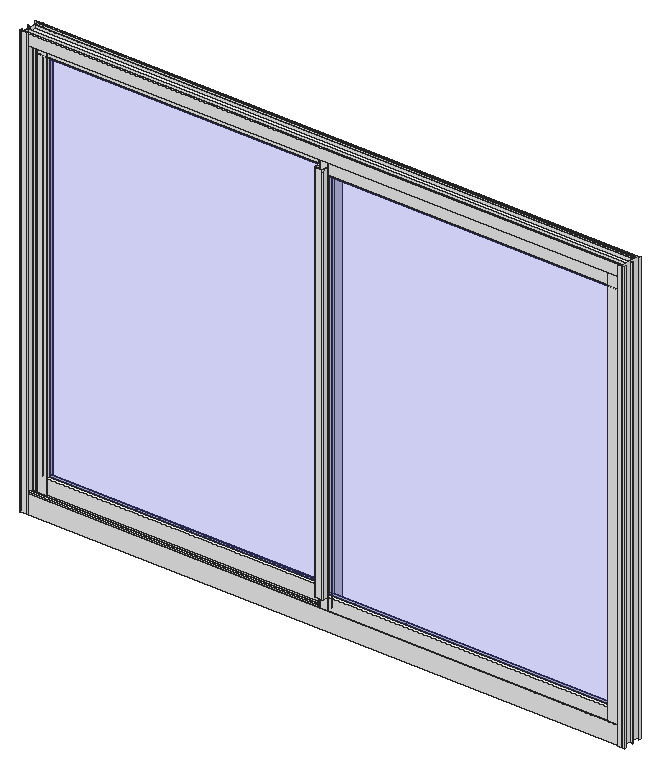
Revit family "Elite_Sliding_Window_OX_Standard", category Windows, host Wall, Revit 2014 (continued)
Definition of nested family "Elite_Sash_Outer_OX_Std"
  Definition of nested family "Elite_Lock_Stile"
    Forms (mm)
      Extrusion 1, solid, material <- "Profile Material"
        sketch origin (0, 0, 0) x (1, 0, 0) y (0, 1, 0)
          loop
            line (0, 0) -> (3.5, 0) -> (3.5, 2.4) -> (2.5, 2.4) -> (2.5, 1.2) -> (1.2, 1.2) -> (1.2, 8.8) -> (2.5, 8.8) -> (2.5, 7.6) -> (3.5, 7.6) -> (3.5, 10) -> (1.5, 10) -> (1.5, 13) -> (24.5, 13) -> (24.5, 10) -> (22.5, 10) -> (22.5, 7.6) -> (23.5, 7.6) -> (23.5, 8.8) -> (24.8, 8.8) -> (24.8, 1.2) -> (23.5, 1.2) -> (23.5, 2.4) -> (22.5, 2.4) -> (22.5, 0) -> (26, 0) -> (26, 49.8) -> (24.5, 49.8) -> (24.5, 49) -> (18, 49) -> (18, 43) -> (19.5, 43) -> (19.5, 47.5) -> (24.5, 47.5) -> (24.5, 36) -> (1.5, 36) -> (1.5, 47.5) -> (6.5, 47.5) -> (6.5, 43) -> (8, 43) -> (8, 49) -> (1.5, 49) -> (1.5, 49.8) -> (0, 49.8) -> (0, 0)
          loop
            line (1.5, 14.5) -> (24.5, 14.5) -> (24.5, 34.5) -> (13, 34.5) -> (1.5, 34.5) -> (1.5, 14.5)
        from 0 to 250 <- "Length Lock Stile"
      Extrusion 2, void
        sketch origin (24.4, 49, 0) x (1, 0, 0) y (0, 0, 1)
          loop
            line (0.1, 250) -> (-22.9, 250) -> (-22.9, 195) -> (0.1, 195) -> (0.1, 250)
          loop
            line (-22.9, 0) -> (0.1, 0) -> (0.1, 55) -> (-22.9, 55) -> (-22.9, 0)
        from 0 to 25
      Extrusion 3, void
        sketch origin (13, 14.5, 0) x (1, 0, 0) y (0, 0, 1)
          loop
            line (6.5, 250) -> (-6.5, 250) -> (-6.5, 224) -> (6.5, 224) -> (6.5, 250)
          loop
            line (6.5, 0) -> (6.5, 26) -> (-6.5, 26) -> (-6.5, 0) -> (6.5, 0)
        from 0 to 250
    Cuts and joins
      Extrusion 2, Extrusion 3 cuts Extrusion 1
    Dimensions and locks
      "Height Large Cut": Extrusion 2 sketch curve to Extrusion 2 sketch curve  (x2)
      "Height Rail Cut": Extrusion 3 sketch curve to Extrusion 3 sketch curve  (x2)
      "Width Rail Cut": Extrusion 3 sketch curve to Extrusion 3 sketch curve  (x2)
      "Side Gap Rail Cut": Extrusion 3 sketch curve to cut or joined group of Extrusion 1, Extrusion 2, Extrusion 3  (x2)
      aligned and locked: level to plane 2
      aligned and locked: Extrusion 1 to Extrusion 2 sketch curve  (x2)
      aligned and locked: Extrusion 2 sketch curve to Extrusion 1  (x4)
      aligned and locked: Extrusion 3 sketch curve to cut or joined group of Extrusion 1, Extrusion 2, Extrusion 3
      aligned and locked: cut or joined group of Extrusion 1, Extrusion 2, Extrusion 3 to Extrusion 3 sketch curve
    Automatic sketch dimensions
      Extrusion 1 sketch curve to plane 3 "Center (Left/Right)" = 0 mm
      plane 1 "Center (Front/Back)" to Extrusion 1 sketch curve = 0 mm  (x2)
      plane 3 "Center (Left/Right)" to Extrusion 1 sketch curve = 1.2 mm
      plane 3 "Center (Left/Right)" to Extrusion 1 sketch curve = 1.5 mm  (x2)
      Extrusion 1 sketch curve to Extrusion 1 sketch curve = 0 mm  (x4)
      Extrusion 1 sketch curve to Extrusion 1 sketch curve = 0.3 mm  (x2)
      Extrusion 1 sketch curve to Extrusion 1 sketch curve = 1.3 mm  (x2)
      Extrusion 1 sketch curve to Extrusion 1 sketch curve = 1 mm  (x4)
      Extrusion 1 sketch curve to Extrusion 1 sketch curve = 5 mm  (x4)
      Extrusion 1 sketch curve to Extrusion 1 sketch curve = 1.5 mm  (x6)
      Extrusion 1 sketch curve to plane 1 "Center (Front/Back)" = 2.4 mm
      Extrusion 1 sketch curve to Extrusion 1 sketch curve = 19 mm
      Extrusion 1 sketch curve to Extrusion 1 sketch curve = 2 mm
      Extrusion 1 sketch curve to Extrusion 1 sketch curve = 1.2 mm  (x6)
      Extrusion 1 sketch curve to plane 1 "Center (Front/Back)" = 1.2 mm  (x2)
      Extrusion 1 sketch curve to Extrusion 1 sketch curve = 5.2 mm  (x2)
      Extrusion 1 sketch curve to Extrusion 1 sketch curve = 3 mm
      Extrusion 1 sketch curve to Extrusion 1 sketch curve = 20 mm
      Extrusion 1 sketch curve to Extrusion 1 sketch curve = 7 mm  (x2)
      Extrusion 1 sketch curve to Extrusion 1 sketch curve = 4.5 mm  (x2)
      Extrusion 1 sketch curve to Extrusion 1 sketch curve = 0.8 mm  (x2)
  Definition of nested family "Elite_Interlocker"
    Parameters (values of type "Elite_Interlocker")
      Rail Cut Width = 13 mm  # constant formula
      Rail Cut Side Spacing = 5 mm  # constant formula
      Rail Cut Height = 26 mm  # constant formula
      Profile Material [instance] = none
      Length Interlocker [instance] = 250 mm
      Large Cut Height = 55 mm  # constant formula
    Reference planes
      plane 1 "Center (Front/Back)": y = 0
      plane 2: z = 0
      plane 3 "Center (Left/Right)": x = 0
    Forms (mm)
      Extrusion 1, solid, material <- "Profile Material"
        sketch origin (0, 0, 0) x (1, 0, 0) y (0, 1, 0)
          loop
            line (6.916, 36.467) -> (6.916, 6.667) -> (39.416, 6.667) -> (39.416, 9.551) -> (38.416, 9.551) -> (38.416, 8.167) -> (37.116, 8.167) -> (37.116, 9.551) -> (36.116, 9.551) -> (36.116, 8.167) -> (32.916, 8.167) -> (32.916, 15.167) -> (36.116, 15.167) -> (36.116, 13.78) -> (37.116, 13.78) -> (37.116, 15.167) -> (38.416, 15.167) -> (38.416, 13.78) -> (39.416, 13.78) -> (39.416, 25.167)
            arc (39.416, 25.167) -> (38.973, 25.663) -> (38.429, 25.28) r 0.5
            line (38.429, 25.28) -> (36.426, 16.667) -> (32.916, 16.667) -> (32.916, 36.467) -> (31.416, 36.467) -> (31.416, 35.667) -> (24.916, 35.667) -> (24.916, 29.667) -> (26.416, 29.667) -> (26.416, 34.167) -> (31.416, 34.167) -> (31.416, 22.667) -> (19.916, 22.667) -> (8.416, 22.667) -> (8.416, 34.167) -> (13.416, 34.167) -> (13.416, 29.667) -> (14.916, 29.667) -> (14.916, 35.667) -> (8.416, 35.667) -> (8.416, 36.467) -> (6.916, 36.467)
          loop
            line (8.416, 21.167) -> (8.416, 8.167) -> (31.416, 8.167) -> (31.416, 21.167) -> (19.916, 21.167) -> (8.416, 21.167)
        from 0 to 250 <- "Length Interlocker"
      Extrusion 2, void
        sketch origin (14.616, 35.667, 0) x (1, 0, 0) y (0, 0, 1)
          loop
            line (11.8, 250) -> (-1.2, 250) -> (-1.2, 224) -> (11.8, 224) -> (11.8, 250)
          loop
            line (-1.2, 0) -> (11.8, 0) -> (11.8, 26) -> (-1.2, 26) -> (-1.2, 0)
        from 0 to 250
      Extrusion 3, void
        sketch origin (31.316, 35.667, 0) x (1, 0, 0) y (0, 0, 1)
          loop
            line (0.1, 250) -> (-22.9, 250) -> (-22.9, 195) -> (0.1, 195) -> (0.1, 250)
          loop
            line (-22.9, 0) -> (0.1, 0) -> (0.1, 55) -> (-22.9, 55) -> (-22.9, 0)
        from 0 to 25
    Cuts and joins
      Extrusion 2, Extrusion 3 cuts Extrusion 1
    Dimensions and locks
      "Rail Cut Width": Extrusion 2 sketch curve to Extrusion 2 sketch curve  (x2)
      "Rail Cut Side Spacing": Extrusion 2 sketch curve to Extrusion 1  (x2)
      "Rail Cut Height": Extrusion 2 sketch curve to Extrusion 2 sketch curve  (x2)
      "Large Cut Height": Extrusion 3 sketch curve to Extrusion 3 sketch curve  (x2)
      aligned and locked: level to plane 2
      aligned and locked: Extrusion 1 to Extrusion 2 sketch curve  (x2)
      aligned and locked: Extrusion 3 sketch curve to cut or joined group of Extrusion 1, Extrusion 2, Extrusion 3  (x4)
      aligned and locked: cut or joined group of Extrusion 1, Extrusion 2, Extrusion 3 to Extrusion 3 sketch curve  (x2)
    Automatic sketch dimensions
      plane 3 "Center (Left/Right)" to Extrusion 1 sketch curve = 6.916 mm
      plane 3 "Center (Left/Right)" to Extrusion 1 sketch curve = 8.416 mm
      Extrusion 1 sketch curve to Extrusion 1 sketch curve = 1.5 mm  (x11)
      Extrusion 1 sketch curve to Extrusion 1 sketch curve = 0 mm  (x6)
      Extrusion 1 sketch curve to Extrusion 1 sketch curve = 5 mm  (x4)
      Extrusion 1 sketch curve to Extrusion 1 sketch curve = 3.2 mm  (x2)
      Extrusion 1 sketch curve to Extrusion 1 sketch curve = 0.31 mm
      Extrusion 1 sketch curve to Extrusion 1 sketch curve = 1 mm  (x4)
      Extrusion 1 sketch curve to Extrusion 1 sketch curve = 1.3 mm  (x2)
      Extrusion 1 sketch curve to Extrusion 1 sketch curve = 7.013 mm
      Extrusion 1 sketch curve to Extrusion 1 sketch curve = 0.487 mm
      Extrusion 1 sketch curve to plane 1 "Center (Front/Back)" = 6.667 mm
      Extrusion 1 sketch curve to Extrusion 1 sketch curve = 1.384 mm  (x2)
      Extrusion 1 sketch curve to Extrusion 1 sketch curve = 4.229 mm
      Extrusion 1 sketch curve to Extrusion 1 sketch curve = 1.387 mm  (x2)
      Extrusion 1 sketch curve to Extrusion 1 sketch curve = 13 mm
      Extrusion 1 sketch curve to Extrusion 1 sketch curve = 2.5 mm
      Extrusion 1 sketch curve to Extrusion 1 sketch curve = 7 mm  (x2)
      Extrusion 1 sketch curve to Extrusion 1 sketch curve = 4.5 mm  (x2)
      Extrusion 1 sketch curve to Extrusion 1 sketch curve = 0.8 mm  (x2)
  Definition of nested family "Elite_Sash_Top"
    Parameters (values of type "Elite_Sash_Top")
      Profile Material [instance] = none
      Length Sash Top [instance] = 250 mm
    Reference planes
      plane 1 "Center (Front/Back)": y = 0
      plane 2: z = 0
      plane 3 "Center (Left/Right)": x = 0
    Forms (mm)
      Extrusion 1, solid, material <- "Profile Material"
        sketch origin (0, -88.953, -123.01) x (0, 1, 0) y (0, 0, 1)
          loop
            line (92.953, 217.01) -> (95.303, 217.01) -> (95.303, 223.01) -> (93.853, 223.01) -> (93.853, 218.46) -> (92.953, 218.46)
            arc (92.953, 218.46) -> (91.15, 219.207) -> (90.403, 221.01) r 2.55
            line (90.403, 221.01) -> (90.403, 230.06) -> (110.203, 230.06) -> (110.203, 221.01)
            arc (110.203, 221.01) -> (109.456, 219.207) -> (107.653, 218.46) r 2.55
            line (107.653, 218.46) -> (106.753, 218.46) -> (106.753, 223.01) -> (105.303, 223.01) -> (105.303, 217.01) -> (107.653, 217.01)
            arc (107.653, 217.01) -> (110.482, 218.181) -> (111.653, 221.01) r 4
            line (111.653, 221.01) -> (111.653, 271.01) -> (107.403, 271.01) -> (107.403, 268.61) -> (108.603, 268.61) -> (108.603, 269.81) -> (110.203, 269.81) -> (110.203, 262.21) -> (108.603, 262.21) -> (108.603, 263.41) -> (107.403, 263.41) -> (107.403, 261.01) -> (110.203, 261.01) -> (110.203, 231.51) -> (90.403, 231.51) -> (90.403, 261.01) -> (93.203, 261.01) -> (93.203, 263.41) -> (92.003, 263.41) -> (92.003, 262.21) -> (90.403, 262.21) -> (90.403, 269.81) -> (92.003, 269.81) -> (92.003, 268.61) -> (93.203, 268.61) -> (93.203, 271.01) -> (88.953, 271.01) -> (88.953, 221.01)
            arc (88.953, 221.01) -> (90.125, 218.181) -> (92.953, 217.01) r 4
        from 0 to 250 <- "Length Sash Top"
    Dimensions and locks
      aligned and locked: level to plane 2
  Definition of nested family "Elite_Sash_Bottom"
    Parameters (values of type "Elite_Sash_Bottom")
      Profile Material [instance] = none
      Length Sash Bottom [instance] = 250 mm
    Reference planes
      plane 1 "Center (Front/Back)": y = 0
      plane 2: z = 0
      plane 3 "Center (Left/Right)": x = 0
    Forms (mm)
      Extrusion 1, solid, material <- "Profile Material"
        sketch origin (0, -88.953, -123.01) x (0, 1, 0) y (0, 0, 1)
          loop
            arc (92.953, 177.01) -> (90.125, 175.838) -> (88.953, 173.01) r 4
            line (88.953, 173.01) -> (88.953, 123.01) -> (93.203, 123.01) -> (93.203, 125.41) -> (92.003, 125.41) -> (92.003, 124.21) -> (90.403, 124.21) -> (90.403, 131.81) -> (92.003, 131.81) -> (92.003, 130.61) -> (93.203, 130.61) -> (93.203, 133.01) -> (90.403, 133.01) -> (90.403, 162.51) -> (110.203, 162.51) -> (110.203, 133.01) -> (107.403, 133.01) -> (107.403, 130.61) -> (108.603, 130.61) -> (108.603, 131.81) -> (110.203, 131.81) -> (110.203, 124.21) -> (108.603, 124.21) -> (108.603, 125.41) -> (107.403, 125.41) -> (107.403, 123.01) -> (111.653, 123.01) -> (111.653, 173.01)
            arc (111.653, 173.01) -> (110.482, 175.838) -> (107.653, 177.01) r 4
            line (107.653, 177.01) -> (105.303, 177.01) -> (105.303, 171.01) -> (106.753, 171.01) -> (106.753, 175.56) -> (107.653, 175.56)
            arc (107.653, 175.56) -> (109.456, 174.813) -> (110.203, 173.01) r 2.55
            line (110.203, 173.01) -> (110.203, 163.96) -> (90.403, 163.96) -> (90.403, 173.01)
            arc (90.403, 173.01) -> (91.15, 174.813) -> (92.953, 175.56) r 2.55
            line (92.953, 175.56) -> (93.853, 175.56) -> (93.853, 171.01) -> (95.303, 171.01) -> (95.303, 177.01) -> (92.953, 177.01)
        from 0 to 250 <- "Length Sash Bottom"
    Dimensions and locks
      aligned and locked: level to plane 2
  Definition of nested family "Elite_Heavy_Duty_Interlocker_Outside"
    Parameters (values of type "Elite_Heavy_Duty_Interlocker_Outside")
      Side Cut Width = 20 mm  # constant formula
      Side Cut Height Top = 26 mm  # constant formula
      Profile Material [instance] = none
      Length Heavy Duty Interlocker [instance] = 250 mm
      Large Cut Height = 55 mm  # constant formula
      Cut Width = 13 mm  # constant formula
      Cut Side Spacing = 5 mm  # constant formula
      Cut Height = 26 mm  # constant formula
    Reference planes
      plane 1 "Center (Front/Back)": y = 0
      plane 2: z = 0
      plane 3 "Center (Left/Right)": x = 0
    Forms (mm)
      Extrusion 1, solid, material <- "Profile Material"
        sketch origin (0, 0, 0) x (1, 0, 0) y (0, 1, 0)
          loop
            arc (4, 27.5) -> (2.232, 26.768) -> (1.5, 25) r 2.5
            line (1.5, 25) -> (1.5, 4)
            arc (1.5, 4) -> (2.232, 2.232) -> (4, 1.5) r 2.5
            line (4, 1.5) -> (20, 1.5) -> (20, 27.5) -> (4, 27.5)
          loop
            line (21.5, 14.5) -> (21.5, 1.5) -> (33, 1.5) -> (44.5, 1.5) -> (44.5, 14.5) -> (33, 14.5) -> (21.5, 14.5)
          loop
            line (46, 10) -> (46, 29.8) -> (44.5, 29.8) -> (44.5, 29) -> (38, 29) -> (38, 23) -> (39.5, 23) -> (39.5, 27.5) -> (44.5, 27.5) -> (44.5, 16) -> (33, 16) -> (21.5, 16) -> (21.5, 27.5) -> (26.5, 27.5) -> (26.5, 23) -> (28, 23) -> (28, 29) -> (21.5, 29) -> (21.5, 29.8) -> (20, 29.8) -> (20, 29) -> (4, 29)
            arc (4, 29) -> (1.172, 27.828) -> (0, 25) r 4
            line (0, 25) -> (0, 4)
            arc (0, 4) -> (1.172, 1.172) -> (4, 0) r 4
            line (4, 0) -> (52.5, 0) -> (52.5, 2.866) -> (51.5, 2.866) -> (51.5, 1.5) -> (50.2, 1.5) -> (50.2, 2.866) -> (49.2, 2.866) -> (49.2, 1.5) -> (46, 1.5) -> (46, 8.5) -> (49.2, 8.5) -> (49.2, 7.121) -> (50.2, 7.121) -> (50.2, 8.5) -> (51.5, 8.5) -> (51.5, 7.121) -> (52.5, 7.121) -> (52.5, 18.5)
            arc (52.5, 18.5) -> (52.057, 18.997) -> (51.513, 18.613) r 0.5
            line (51.513, 18.613) -> (49.51, 10) -> (46, 10)
        from 0 to 250 <- "Length Heavy Duty Interlocker"
      Extrusion 2, void
        sketch origin (44.4, 29, 0) x (1, 0, 0) y (0, 0, 1)
          loop
            line (-4.9, 250) -> (-17.9, 250) -> (-17.9, 224) -> (-4.9, 224) -> (-4.9, 250)
          loop
            line (-4.9, 0) -> (-4.9, 26) -> (-17.9, 26) -> (-17.9, 0) -> (-4.9, 0)
        from 0 to 250
      Extrusion 3, void
        sketch origin (44.4, 29, 0) x (1, 0, 0) y (0, 0, 1)
          loop
            line (0.1, 250) -> (-22.9, 250) -> (-22.9, 195) -> (0.1, 195) -> (0.1, 250)
          loop
            line (0.1, 0) -> (0.1, 55) -> (-22.9, 55) -> (-22.9, 0) -> (0.1, 0)
        from 0 to 25
      Extrusion 4, void
        sketch origin (19.7, 29, 0) x (1, 0, 0) y (0, 0, 1)
          loop
            line (0.3, 250) -> (-19.7, 250) -> (-19.7, 224) -> (0.3, 224) -> (0.3, 250)
        from 0 to 250
    Cuts and joins
      Extrusion 2, Extrusion 3, Extrusion 4 cuts Extrusion 1
    Dimensions and locks
      "Cut Width": Extrusion 2 sketch curve to Extrusion 2 sketch curve  (x2)
      "Cut Side Spacing": Extrusion 2 sketch curve to Extrusion 1  (x2)
      "Cut Height": Extrusion 2 sketch curve to Extrusion 2 sketch curve  (x2)
      "Large Cut Height": Extrusion 3 sketch curve to Extrusion 3 sketch curve  (x2)
      "Side Cut Width": Extrusion 4 sketch curve to Extrusion 4 sketch curve
      "Side Cut Height Top": Extrusion 4 sketch curve to Extrusion 4 sketch curve
      aligned and locked: level to plane 2
      aligned and locked: Extrusion 2 sketch curve to Extrusion 1
      aligned and locked: Extrusion 1 to Extrusion 2 sketch curve
      aligned and locked: cut or joined group of Extrusion 1, Extrusion 2, Extrusion 3, Extrusion 4 to Extrusion 3 sketch curve  (x2)
      aligned and locked: Extrusion 3 sketch curve to cut or joined group of Extrusion 1, Extrusion 2, Extrusion 3, Extrusion 4  (x4)
      aligned and locked: Extrusion 4 sketch curve to cut or joined group of Extrusion 1, Extrusion 2, Extrusion 3, Extrusion 4
      aligned and locked: cut or joined group of Extrusion 1, Extrusion 2, Extrusion 3, Extrusion 4 to Extrusion 4 sketch curve
    Automatic sketch dimensions
      Extrusion 1 sketch curve to Extrusion 1 sketch curve = 0 mm  (x11)
      Extrusion 1 sketch curve to plane 3 "Center (Left/Right)" = 0 mm
      plane 1 "Center (Front/Back)" to Extrusion 1 sketch curve = 0 mm
      plane 3 "Center (Left/Right)" to Extrusion 1 sketch curve = 1.5 mm
      Extrusion 1 sketch curve to Extrusion 1 sketch curve = 2.5 mm  (x3)
      Extrusion 1 sketch curve to Extrusion 1 sketch curve = 16 mm
      Extrusion 1 sketch curve to Extrusion 1 sketch curve = 1.5 mm  (x10)
      Extrusion 1 sketch curve to Extrusion 1 sketch curve = 5 mm  (x3)
      Extrusion 1 sketch curve to plane 1 "Center (Front/Back)" = 1.5 mm  (x3)
      Extrusion 1 sketch curve to Extrusion 1 sketch curve = 11.5 mm  (x2)
      Extrusion 1 sketch curve to Extrusion 1 sketch curve = 10 mm
      Extrusion 1 sketch curve to Extrusion 1 sketch curve = 3.2 mm  (x2)
      Extrusion 1 sketch curve to plane 1 "Center (Front/Back)" = 10 mm
      Extrusion 1 sketch curve to Extrusion 1 sketch curve = 0.31 mm
      Extrusion 1 sketch curve to Extrusion 1 sketch curve = 1 mm  (x4)
      Extrusion 1 sketch curve to Extrusion 1 sketch curve = 1.3 mm  (x2)
      Extrusion 1 sketch curve to Extrusion 1 sketch curve = 7.013 mm
      Extrusion 1 sketch curve to Extrusion 1 sketch curve = 0.487 mm
      Extrusion 1 sketch curve to Extrusion 1 sketch curve = 1.366 mm
      Extrusion 1 sketch curve to Extrusion 1 sketch curve = 2.879 mm
      Extrusion 1 sketch curve to Extrusion 1 sketch curve = 4.5 mm  (x3)
      Extrusion 1 sketch curve to Extrusion 1 sketch curve = 7 mm  (x2)
      Extrusion 1 sketch curve to Extrusion 1 sketch curve = 9 mm
      Extrusion 1 sketch curve to Extrusion 1 sketch curve = 0.8 mm  (x2)
Types (109, lengths in mm): name | Windload Design | Width Sash Right | Width Sash Left | Width | Standard Interlocker | Sash Width Right | Sash Width Left | Sash Height | Overall Width | Overall Height | Outside Heavy Duty Interlocker | Max Pane Area | Limit Window Width Max | Limit Sash Width Left Min | Limit Sash Width Left Max | Intruderprufe U Value | Intruderprufe SHGC Value | Intruderprufe LowE U Value | Intruderprufe LowE SHGC Value | Interlocker Configuration | Height Sash | Inside Heavy Duty Interlocker | Height | Glazing Thickness | Energy Advantage U Value | Energy Advantage SHGC Value | Custom Window Width | Custom Window Height | Custom Windload | Clearvue U Value | Clearvue SHGC Value | Area Right Sash Glazing | Area Left Sash Glazing
  (no name) | 1000 | 1047.9 | 1047.9 | 2090 | no | 1047.9 | 1047.9 | 1407 | 2090 | 1490 | no | 1.29646 m² | 2994.2 | 595.8 | 1500 | 5.7 | 0.727 | 3.95 | 0.638 | 1 | 1407 | yes | 1490 | 4 | 4.07 | 0.686 | 2090 | 1490 | 1000 | 5.83 | 0.767 | 1.29646 m² | 1.29646 m²
  Elite-0906OX-1000Pa | 1000 | 447.9 | 447.9 | 890 | yes | 447.9 | 447.9 | 507 | 890 | 590 | no | 0.160149 m² | 2994.2 | 300 | 595.8 | 5.58 | 0.626 | 4.31 | 0.55 | 0 | 507 | no | 590 | 4 | 4.49 | 0.592 | 890 | 590 | 1000 | 5.72 | 0.66 | 0.160149 m² | 0.160149 m²
  Elite-1206OX-1000Pa | 1000 | 447.9 | 447.9 | 1190 | yes | 597.9 | 597.9 | 507 | 890 | 590 | no | 0.222399 m² | 2994.2 | 300 | 895.8 | 5.57 | 0.641 | 4.22 | 0.563 | 0 | 507 | no | 590 | 4 | 4.38 | 0.605 | 1190 | 590 | 1000 | 5.69 | 0.675 | 0.222399 m² | 0.222399 m²
  Elite-1506OX-1000Pa | 1000 | 447.9 | 447.9 | 1490 | yes | 747.9 | 747.9 | 507 | 890 | 590 | no | 0.284649 m² | 2994.2 | 300 | 1195.8 | 5.56 | 0.649 | 4.17 | 0.57 | 0 | 507 | no | 590 | 4 | 4.31 | 0.613 | 1490 | 590 | 1000 | 5.68 | 0.684 | 0.284649 m² | 0.284649 m²
  Elite-1806OX-1000Pa | 1000 | 447.9 | 447.9 | 1790 | yes | 897.9 | 897.9 | 507 | 890 | 590 | no | 0.346899 m² | 2994.2 | 300 | 1495.8 | 5.55 | 0.655 | 4.14 | 0.575 | 0 | 507 | no | 590 | 4 | 4.27 | 0.618 | 1790 | 590 | 1000 | 5.67 | 0.691 | 0.346899 m² | 0.346899 m²
  Elite-2106OX-1000Pa | 1000 | 447.9 | 447.9 | 2090 | yes | 1047.9 | 1047.9 | 507 | 890 | 590 | no | 0.409149 m² | 2994.2 | 595.8 | 1500 | 5.55 | 0.659 | 4.12 | 0.579 | 0 | 507 | no | 590 | 4 | 4.24 | 0.622 | 2090 | 590 | 1000 | 5.67 | 0.695 | 0.409149 m² | 0.409149 m²
  Elite-2406OX-1000Pa | 1000 | 447.9 | 447.9 | 2390 | yes | 1197.9 | 1197.9 | 507 | 890 | 590 | no | 0.471399 m² | 2994.2 | 895.8 | 1500 | 5.55 | 0.662 | 4.1 | 0.582 | 0 | 507 | no | 590 | 4 | 4.22 | 0.625 | 2390 | 590 | 1000 | 5.66 | 0.698 | 0.471399 m² | 0.471399 m²
  Elite-2706OX-1000Pa | 1000 | 447.9 | 447.9 | 2690 | yes | 1347.9 | 1347.9 | 507 | 890 | 590 | no | 0.533649 m² | 2994.2 | 1195.8 | 1500 | 5.54 | 0.665 | 4.09 | 0.584 | 0 | 507 | no | 590 | 4 | 4.2 | 0.627 | 2690 | 590 | 1000 | 5.66 | 0.701 | 0.533649 m² | 0.533649 m²
  Elite-3006OX-1000Pa | 1000 | 447.9 | 447.9 | 2990 | yes | 1497.9 | 1497.9 | 507 | 890 | 590 | no | 0.595899 m² | 2994.2 | 1495.8 | 1500 | 5.54 | 0.667 | 4.08 | 0.585 | 0 | 507 | no | 590 | 4 | 4.18 | 0.629 | 2990 | 590 | 1000 | 5.66 | 0.703 | 0.595899 m² | 0.595899 m²
  Elite-0909OX-1000Pa | 1000 | 447.9 | 447.9 | 890 | yes | 447.9 | 447.9 | 807 | 890 | 590 | no | 0.275918 m² | 2994.2 | 300 | 595.8 | 5.68 | 0.66 | 4.25 | 0.58 | 0 | 507 | no | 890 | 4 | 4.43 | 0.624 | 890 | 890 | 1000 | 5.82 | 0.696 | 0.275918 m² | 0.275918 m²
  Elite-1209OX-1000Pa | 1000 | 447.9 | 447.9 | 1190 | yes | 597.9 | 597.9 | 807 | 890 | 590 | no | 0.383168 m² | 2994.2 | 300 | 895.8 | 5.66 | 0.676 | 4.15 | 0.594 | 0 | 507 | no | 890 | 4 | 4.31 | 0.639 | 1190 | 890 | 1000 | 5.79 | 0.713 | 0.383168 m² | 0.383168 m²
  Elite-1509OX-1000Pa | 1000 | 447.9 | 447.9 | 1490 | yes | 747.9 | 747.9 | 807 | 890 | 590 | no | 0.490418 m² | 2994.2 | 300 | 1195.8 | 5.65 | 0.686 | 4.09 | 0.602 | 0 | 507 | no | 890 | 4 | 4.23 | 0.648 | 1490 | 890 | 1000 | 5.78 | 0.723 | 0.490418 m² | 0.490418 m²
  Elite-1809OX-1000Pa | 1000 | 447.9 | 447.9 | 1790 | yes | 897.9 | 897.9 | 807 | 890 | 590 | no | 0.597668 m² | 2994.2 | 300 | 1495.8 | 5.64 | 0.696 | 4.05 | 0.608 | 0 | 507 | no | 890 | 4 | 4.18 | 0.654 | 1790 | 890 | 1000 | 5.77 | 0.73 | 0.597668 m² | 0.597668 m²
  Elite-2109OX-1000Pa | 1000 | 447.9 | 447.9 | 2090 | yes | 1047.9 | 1047.9 | 807 | 890 | 590 | no | 0.704918 m² | 2994.2 | 595.8 | 1500 | 5.63 | 0.697 | 4.03 | 0.612 | 0 | 507 | no | 890 | 4 | 4.15 | 0.658 | 2090 | 890 | 1000 | 5.76 | 0.735 | 0.704918 m² | 0.704918 m²
  Elite-2409OX-1000Pa | 1000 | 447.9 | 447.9 | 2390 | yes | 1197.9 | 1197.9 | 807 | 890 | 590 | no | 0.812168 m² | 2994.2 | 895.8 | 1500 | 5.63 | 0.701 | 4 | 0.615 | 0 | 507 | no | 890 | 4 | 4.12 | 0.661 | 2390 | 890 | 1000 | 5.75 | 0.739 | 0.812168 m² | 0.812168 m²
  Elite-2709OX-1000Pa | 1000 | 447.9 | 447.9 | 2690 | yes | 1347.9 | 1347.9 | 807 | 890 | 590 | no | 0.919419 m² | 2994.2 | 1195.8 | 1500 | 5.62 | 0.704 | 3.99 | 0.617 | 0 | 507 | no | 890 | 4 | 4.1 | 0.664 | 2690 | 890 | 1000 | 5.75 | 0.742 | 0.919418 m² | 0.919419 m²
  Elite-3009OX-1000Pa | 1000 | 447.9 | 447.9 | 2990 | yes | 1497.9 | 1497.9 | 807 | 890 | 590 | no | 1.02667 m² | 2994.2 | 1495.8 | 1500 | 5.62 | 0.706 | 3.98 | 0.619 | 0 | 507 | no | 890 | 4 | 4.08 | 0.66 | 2990 | 890 | 1000 | 5.75 | 0.744 | 1.02667 m² | 1.02667 m²
  Elite-0912OX-1000Pa | 1000 | 447.9 | 447.9 | 890 | yes | 447.9 | 447.9 | 1107 | 890 | 590 | no | 0.391688 m² | 2994.2 | 300 | 595.8 | 5.72 | 0.677 | 4.22 | 0.594 | 0 | 507 | no | 1190 | 4 | 4.4 | 0.639 | 890 | 1190 | 1000 | 5.86 | 0.714 | 0.391688 m² | 0.391688 m²
  Elite-1212OX-1000Pa | 1000 | 447.9 | 447.9 | 1190 | yes | 597.9 | 597.9 | 1107 | 890 | 590 | no | 0.543938 m² | 2994.2 | 300 | 895.8 | 5.7 | 0.694 | 4.11 | 0.609 | 0 | 507 | no | 1190 | 4 | 4.27 | 0.655 | 1190 | 1190 | 1000 | 5.84 | 0.732 | 0.543938 m² | 0.543938 m²
  Elite-1512OX-1000Pa | 1000 | 447.9 | 447.9 | 1490 | yes | 747.9 | 747.9 | 1107 | 890 | 590 | no | 0.696188 m² | 2994.2 | 300 | 1195.8 | 5.69 | 0.704 | 4.05 | 0.618 | 0 | 507 | no | 1190 | 4 | 4.19 | 0.665 | 1490 | 1190 | 1000 | 5.82 | 0.743 | 0.696188 m² | 0.696188 m²
  Elite-1812OX-1000Pa | 1000 | 447.9 | 447.9 | 1790 | yes | 897.9 | 897.9 | 1107 | 890 | 590 | no | 0.848438 m² | 2994.2 | 300 | 1495.8 | 5.68 | 0.711 | 4.01 | 0.624 | 0 | 507 | no | 1190 | 4 | 4.14 | 0.671 | 1790 | 1190 | 1000 | 5.81 | 0.75 | 0.848438 m² | 0.848438 m²
  Elite-2112OX-1000Pa | 1000 | 447.9 | 447.9 | 2090 | yes | 1047.9 | 1047.9 | 1107 | 890 | 590 | no | 1.00069 m² | 2994.2 | 595.8 | 1500 | 5.67 | 0.716 | 3.98 | 0.628 | 0 | 507 | no | 1190 | 4 | 4.1 | 0.676 | 2090 | 1190 | 1000 | 5.8 | 0.755 | 1.00069 m² | 1.00069 m²
  Elite-2412OX-1000Pa | 1000 | 447.9 | 447.9 | 2390 | yes | 1197.9 | 1197.9 | 1107 | 890 | 590 | no | 1.15294 m² | 2994.2 | 895.8 | 1500 | 5.67 | 0.72 | 3.96 | 0.631 | 0 | 507 | no | 1190 | 4 | 4.07 | 0.679 | 2390 | 1190 | 1000 | 5.8 | 0.759 | 1.15294 m² | 1.15294 m²
  Elite-2712OX-1000Pa | 1000 | 447.9 | 447.9 | 2690 | yes | 1347.9 | 1347.9 | 1107 | 890 | 590 | no | 1.30519 m² | 2994.2 | 1195.8 | 1500 | 5.67 | 0.723 | 3.94 | 0.634 | 0 | 507 | no | 1190 | 4 | 4.05 | 0.682 | 2690 | 1190 | 1000 | 5.79 | 0.762 | 1.30519 m² | 1.30519 m²
  Elite-3012OX-1000Pa | 1000 | 1347.9 | 1347.9 | 2990 | no | 1497.9 | 1497.9 | 1107 | 2690 | 1190 | no | 1.45744 m² | 2994.2 | 1495.8 | 1500 | 5.66 | 0.725 | 3.93 | 0.636 | 1 | 1107 | yes | 1190 | 4 | 4.03 | 0.684 | 2990 | 1190 | 1000 | 5.79 | 0.764 | 1.45744 m² | 1.45744 m²
  Elite-0915OX-1000Pa | 1000 | 447.9 | 447.9 | 890 | yes | 447.9 | 447.9 | 1407 | 890 | 590 | no | 0.507459 m² | 2994.2 | 300 | 595.8 | 5.75 | 0.687 | 4.2 | 0.603 | 0 | 507 | no | 1490 | 4 | 4.39 | 0.649 | 890 | 1490 | 1000 | 5.89 | 0.724 | 0.507459 m² | 0.507459 m²
  Elite-1215OX-1000Pa | 1000 | 447.9 | 447.9 | 1190 | no | 597.9 | 597.9 | 1407 | 890 | 590 | no | 0.704709 m² | 2994.2 | 300 | 895.8 | 5.73 | 0.705 | 4.09 | 0.618 | 1 | 507 | yes | 1490 | 4 | 4.25 | 0.665 | 1190 | 1490 | 1000 | 5.87 | 0.743 | 0.704709 m² | 0.704709 m²
  Elite-1515OX-1000Pa | 1000 | 447.9 | 447.9 | 1490 | no | 747.9 | 747.9 | 1407 | 890 | 590 | no | 0.901959 m² | 2994.2 | 300 | 1195.8 | 5.82 | 0.7163 | 4.13 | 0.628 | 1 | 507 | yes | 1490 | 4 | 4.27 | 0.676 | 1490 | 1490 | 1000 | 5.95 | 0.755 | 0.901959 m² | 0.901959 m²
  Elite-1815OX-1000Pa | 1000 | 447.9 | 447.9 | 1790 | no | 897.9 | 897.9 | 1407 | 890 | 590 | no | 1.09921 m² | 2994.2 | 300 | 1495.8 | 5.71 | 0.722 | 3.98 | 0.633 | 1 | 507 | yes | 1490 | 4 | 4.11 | 0.682 | 1790 | 1490 | 1000 | 5.84 | 0.762 | 1.09921 m² | 1.09921 m²
  Elite-2115OX-1000Pa | 1000 | 1047.9 | 1047.9 | 2090 | no | 1047.9 | 1047.9 | 1407 | 2090 | 1490 | no | 1.29646 m² | 2994.2 | 595.8 | 1500 | 5.7 | 0.727 | 3.95 | 0.638 | 1 | 1407 | yes | 1490 | 4 | 4.07 | 0.686 | 2090 | 1490 | 1000 | 5.83 | 0.767 | 1.29646 m² | 1.29646 m²
  Elite-2415OX-1000Pa | 1000 | 447.9 | 447.9 | 2390 | no | 1197.9 | 1197.9 | 1407 | 890 | 590 | no | 1.49371 m² | 2994.2 | 895.8 | 1500 | 5.69 | 0.731 | 3.93 | 0.641 | 1 | 507 | yes | 1490 | 4 | 4.05 | 0.69 | 2390 | 1490 | 1000 | 5.82 | 0.771 | 1.49371 m² | 1.49371 m²
  Elite-2715OX-1000Pa | 1000 | 447.9 | 447.9 | 2690 | no | 1347.9 | 1347.9 | 1407 | 890 | 590 | no | 1.69096 m² | 2994.2 | 1195.8 | 1500 | 5.69 | 0.734 | 3.91 | 0.643 | 1 | 507 | yes | 1490 | 5 | 4.02 | 0.692 | 2690 | 1490 | 1000 | 5.82 | 0.774 | 1.69096 m² | 1.69096 m²
  Elite-3015OX-1000Pa | 1000 | 447.9 | 447.9 | 2990 | no | 1497.9 | 1497.9 | 1407 | 890 | 590 | no | 1.88821 m² | 2994.2 | 1495.8 | 1500 | 5.69 | 0.737 | 3.9 | 0.645 | 1 | 507 | yes | 1490 | 5 | 4 | 0.695 | 2990 | 1490 | 1000 | 5.82 | 0.777 | 1.88821 m² | 1.88821 m²
  Elite-0918OX-1000Pa | 1000 | 447.9 | 447.9 | 890 | no | 447.9 | 447.9 | 1707 | 890 | 1790 | no | 0.623229 m² | 2994.2 | 300 | 595.8 | 5.59 | 0.695 | 4.37 | 0.611 | 1 | 1707 | yes | 1790 | 4 | 4.54 | 0.657 | 890 | 1790 | 1000 | 6.08 | 0.733 | 0.623229 m² | 0.623229 m²
  Elite-1218OX-1000Pa | 1000 | 1497.9 | 1497.9 | 1190 | no | 597.9 | 597.9 | 1707 | 2990 | 1490 | no | 0.865479 m² | 2994.2 | 300 | 895.8 | 5.75 | 0.712 | 4.08 | 0.624 | 1 | 1407 | yes | 1790 | 4 | 4.24 | 0.672 | 1190 | 1790 | 1000 | 5.88 | 0.751 | 0.865479 m² | 0.865479 m²
  Elite-1518OX-1000Pa | 1000 | 1497.9 | 1497.9 | 1490 | no | 747.9 | 747.9 | 1707 | 2990 | 1490 | yes | 1.10773 m² | 2994.2 | 300 | 1195.8 | 5.73 | 0.723 | 4.01 | 0.634 | 2 | 1407 | yes | 1790 | 4 | 4.15 | 0.682 | 1490 | 1790 | 1000 | 5.87 | 0.762 | 1.10773 m² | 1.10773 m²
  Elite-1818OX-1000Pa | 1000 | 1497.9 | 1497.9 | 1790 | no | 897.9 | 897.9 | 1707 | 2990 | 1490 | yes | 1.34998 m² | 2994.2 | 300 | 1495.8 | 5.72 | 0.73 | 3.96 | 0.64 | 2 | 1407 | yes | 1790 | 4 | 4.1 | 0.688 | 1790 | 1790 | 1000 | 5.86 | 0.77 | 1.34998 m² | 1.34998 m²
  Elite-2118OX-1000Pa | 1000 | 1497.9 | 1497.9 | 2090 | no | 1047.9 | 1047.9 | 1707 | 2990 | 1490 | yes | 1.59223 m² | 2994.2 | 595.8 | 1500 | 5.71 | 0.735 | 3.93 | 0.644 | 2 | 1407 | yes | 1790 | 5 | 4.06 | 0.693 | 2090 | 1790 | 1000 | 5.85 | 0.775 | 1.59223 m² | 1.59223 m²
  Elite-2418OX-1000Pa | 1000 | 1497.9 | 1497.9 | 2390 | no | 1197.9 | 1197.9 | 1707 | 2990 | 1490 | yes | 1.83448 m² | 2994.2 | 895.8 | 1500 | 5.71 | 0.739 | 3.91 | 0.647 | 2 | 1407 | yes | 1790 | 5 | 4.03 | 0.697 | 2390 | 1790 | 1000 | 5.84 | 0.779 | 1.83448 m² | 1.83448 m²
  Elite-2718OX-1000Pa | 1000 | 1497.9 | 1497.9 | 2690 | no | 1347.9 | 1347.9 | 1707 | 2990 | 1490 | yes | 2.07673 m² | 2994.2 | 1195.8 | 1500 | 5.71 | 0.742 | 3.89 | 0.65 | 2 | 1407 | yes | 1790 | 5 | 4 | 0.699 | 2690 | 1790 | 1000 | 5.84 | 0.782 | 2.07673 m² | 2.07673 m²
  Elite-3018OX-1000Pa | 1000 | 1497.9 | 1497.9 | 2990 | no | 1497.9 | 1497.9 | 1707 | 2990 | 1790 | yes | 2.31898 m² | 2994.2 | 1495.8 | 1500 | 5.7 | 0.744 | 3.88 | 0.652 | 2 | 1707 | yes | 1790 | 6.4 | 3.99 | 0.702 | 2990 | 1790 | 1000 | 5.83 | 0.785 | 2.31898 m² | 2.31898 m²
  Elite-0906OX-1500Pa | 1500 | 447.9 | 447.9 | 890 | yes | 447.9 | 447.9 | 507 | 890 | 590 | no | 0.160149 m² | 2994.2 | 300 | 595.8 | 5.58 | 0.626 | 4.31 | 0.55 | 0 | 507 | no | 590 | 4 | 4.49 | 0.592 | 890 | 590 | 1500 | 5.72 | 0.66 | 0.160149 m² | 0.160149 m²
  Elite-0906OX-2000Pa | 2000 | 447.9 | 447.9 | 890 | yes | 447.9 | 447.9 | 507 | 890 | 590 | no | 0.160149 m² | 2994.2 | 300 | 595.8 | 5.58 | 0.626 | 4.31 | 0.55 | 0 | 507 | no | 590 | 4 | 4.49 | 0.592 | 890 | 590 | 2000 | 5.72 | 0.66 | 0.160149 m² | 0.160149 m²
  Elite-0909OX-1500Pa | 1500 | 447.9 | 447.9 | 890 | yes | 447.9 | 447.9 | 807 | 890 | 590 | no | 0.275918 m² | 2994.2 | 300 | 595.8 | 5.68 | 0.66 | 4.25 | 0.58 | 0 | 507 | no | 890 | 4 | 4.43 | 0.624 | 890 | 890 | 1500 | 5.82 | 0.696 | 0.275918 m² | 0.275918 m²
  Elite-0909OX-2000Pa | 2000 | 447.9 | 447.9 | 890 | yes | 447.9 | 447.9 | 807 | 890 | 590 | no | 0.275918 m² | 2994.2 | 300 | 595.8 | 5.68 | 0.66 | 4.25 | 0.58 | 0 | 507 | no | 890 | 4 | 4.43 | 0.624 | 890 | 890 | 2000 | 5.82 | 0.696 | 0.275918 m² | 0.275918 m²
  Elite-0912OX-1500Pa | 1500 | 447.9 | 447.9 | 890 | yes | 447.9 | 447.9 | 1107 | 890 | 590 | no | 0.391688 m² | 2994.2 | 300 | 595.8 | 5.72 | 0.677 | 4.22 | 0.594 | 0 | 507 | no | 1190 | 4 | 4.4 | 0.639 | 890 | 1190 | 1500 | 5.86 | 0.714 | 0.391688 m² | 0.391688 m²
  Elite-0912OX-2000Pa | 2000 | 447.9 | 447.9 | 890 | yes | 447.9 | 447.9 | 1107 | 890 | 590 | no | 0.391688 m² | 2994.2 | 300 | 595.8 | 5.72 | 0.677 | 4.22 | 0.594 | 0 | 507 | no | 1190 | 4 | 4.4 | 0.639 | 890 | 1190 | 2000 | 5.86 | 0.714 | 0.391688 m² | 0.391688 m²
  Elite-0915OX-1500Pa | 1500 | 447.9 | 447.9 | 890 | no | 447.9 | 447.9 | 1407 | 890 | 590 | no | 0.507459 m² | 2994.2 | 300 | 595.8 | 5.75 | 0.687 | 4.2 | 0.603 | 1 | 507 | yes | 1490 | 4 | 4.39 | 0.649 | 890 | 1490 | 1500 | 5.89 | 0.724 | 0.507459 m² | 0.507459 m²
  Elite-0915OX-2000Pa | 2000 | 447.9 | 447.9 | 890 | no | 447.9 | 447.9 | 1407 | 890 | 590 | no | 0.507459 m² | 2994.2 | 300 | 595.8 | 5.75 | 0.687 | 4.2 | 0.603 | 1 | 507 | yes | 1490 | 4 | 4.39 | 0.649 | 890 | 1490 | 2000 | 5.89 | 0.724 | 0.507459 m² | 0.507459 m²
  Elite-0918OX-1500Pa | 1500 | 447.9 | 447.9 | 890 | no | 447.9 | 447.9 | 1707 | 890 | 1790 | no | 0.623229 m² | 1490 | 300 | 595.8 | 5.59 | 0.695 | 4.37 | 0.611 | 1 | 1707 | yes | 1790 | 4 | 4.54 | 0.657 | 890 | 1790 | 1500 | 6.08 | 0.733 | 0.623229 m² | 0.623229 m²
  Elite-0918OX-2000Pa | 2000 | 447.9 | 447.9 | 890 | no | 447.9 | 447.9 | 1707 | 890 | 1790 | yes | 0.623229 m² | 890 | 300 | 595.8 | 5.59 | 0.695 | 4.37 | 0.611 | 2 | 1707 | yes | 1790 | 4 | 4.54 | 0.657 | 890 | 1790 | 2000 | 6.08 | 0.733 | 0.623229 m² | 0.623229 m²
  Elite-1206OX-1500Pa | 1500 | 447.9 | 447.9 | 1190 | yes | 597.9 | 597.9 | 507 | 890 | 590 | no | 0.222399 m² | 2994.2 | 300 | 895.8 | 5.57 | 0.641 | 4.22 | 0.563 | 0 | 507 | no | 590 | 4 | 4.38 | 0.605 | 1190 | 590 | 1500 | 5.69 | 0.675 | 0.222399 m² | 0.222399 m²
  Elite-1206OX-2000Pa | 2000 | 447.9 | 447.9 | 1190 | yes | 597.9 | 597.9 | 507 | 890 | 590 | no | 0.222399 m² | 2994.2 | 300 | 895.8 | 5.57 | 0.641 | 4.22 | 0.563 | 0 | 507 | no | 590 | 4 | 4.38 | 0.605 | 1190 | 590 | 2000 | 5.69 | 0.675 | 0.222399 m² | 0.222399 m²
  Elite-1209OX-1500Pa | 1500 | 447.9 | 447.9 | 1190 | yes | 597.9 | 597.9 | 807 | 890 | 590 | no | 0.383168 m² | 2994.2 | 300 | 895.8 | 5.66 | 0.676 | 4.15 | 0.594 | 0 | 507 | no | 890 | 4 | 4.31 | 0.639 | 1190 | 890 | 1500 | 5.79 | 0.713 | 0.383168 m² | 0.383168 m²
  Elite-1209OX-2000Pa | 2000 | 447.9 | 447.9 | 1190 | yes | 597.9 | 597.9 | 807 | 890 | 590 | no | 0.383168 m² | 2994.2 | 300 | 895.8 | 5.66 | 0.676 | 4.15 | 0.594 | 0 | 507 | no | 890 | 4 | 4.31 | 0.639 | 1190 | 890 | 2000 | 5.79 | 0.713 | 0.383168 m² | 0.383168 m²
  Elite-1212OX-1500Pa | 1500 | 447.9 | 447.9 | 1190 | yes | 597.9 | 597.9 | 1107 | 890 | 590 | no | 0.543938 m² | 2994.2 | 300 | 895.8 | 5.7 | 0.694 | 4.11 | 0.609 | 0 | 507 | no | 1190 | 4 | 4.27 | 0.655 | 1190 | 1190 | 1500 | 5.84 | 0.732 | 0.543938 m² | 0.543938 m²
  Elite-1212OX-2000Pa | 2000 | 447.9 | 447.9 | 1190 | no | 597.9 | 597.9 | 1107 | 890 | 590 | no | 0.543938 m² | 2994.2 | 300 | 895.8 | 5.7 | 0.694 | 4.11 | 0.609 | 1 | 507 | yes | 1190 | 4 | 4.27 | 0.655 | 1190 | 1190 | 2000 | 5.84 | 0.732 | 0.543938 m² | 0.543938 m²
  Elite-1215OX-1500Pa | 1500 | 447.9 | 447.9 | 1190 | no | 597.9 | 597.9 | 1407 | 890 | 590 | no | 0.704709 m² | 2994.2 | 300 | 895.8 | 5.73 | 0.705 | 4.09 | 0.618 | 1 | 507 | yes | 1490 | 4 | 4.25 | 0.665 | 1190 | 1490 | 1500 | 5.87 | 0.743 | 0.704709 m² | 0.704709 m²
  Elite-1215OX-2000Pa | 2000 | 447.9 | 447.9 | 1190 | no | 597.9 | 597.9 | 1407 | 890 | 590 | no | 0.704709 m² | 2994.2 | 300 | 895.8 | 5.73 | 0.705 | 4.09 | 0.618 | 1 | 507 | yes | 1490 | 4 | 4.25 | 0.665 | 1190 | 1490 | 2000 | 5.87 | 0.743 | 0.704709 m² | 0.704709 m²
  Elite-1218OX-1500Pa | 1500 | 1497.9 | 1497.9 | 1190 | no | 597.9 | 597.9 | 1707 | 2990 | 1490 | yes | 0.865479 m² | 1490 | 300 | 895.8 | 5.75 | 0.712 | 4.08 | 0.624 | 2 | 1407 | yes | 1790 | 4 | 4.24 | 0.672 | 1190 | 1790 | 1500 | 5.88 | 0.751 | 0.865479 m² | 0.865479 m²
  Elite-1506OX-1500Pa | 1500 | 447.9 | 447.9 | 1490 | yes | 747.9 | 747.9 | 507 | 890 | 590 | no | 0.284649 m² | 2994.2 | 300 | 1195.8 | 5.56 | 0.649 | 4.17 | 0.57 | 0 | 507 | no | 590 | 4 | 4.31 | 0.613 | 1490 | 590 | 1500 | 5.68 | 0.684 | 0.284649 m² | 0.284649 m²
  Elite-1506OX-2000Pa | 2000 | 447.9 | 447.9 | 1490 | yes | 747.9 | 747.9 | 507 | 890 | 590 | no | 0.284649 m² | 2994.2 | 300 | 1195.8 | 5.56 | 0.649 | 4.17 | 0.57 | 0 | 507 | no | 590 | 4 | 4.31 | 0.613 | 1490 | 590 | 2000 | 5.68 | 0.684 | 0.284649 m² | 0.284649 m²
  Elite-1509OX-1500Pa | 1500 | 447.9 | 447.9 | 1490 | yes | 747.9 | 747.9 | 807 | 890 | 590 | no | 0.490418 m² | 2994.2 | 300 | 1195.8 | 5.65 | 0.686 | 4.09 | 0.602 | 0 | 507 | no | 890 | 4 | 4.23 | 0.648 | 1490 | 890 | 1500 | 5.78 | 0.723 | 0.490418 m² | 0.490418 m²
  Elite-1509OX-2000Pa | 2000 | 447.9 | 447.9 | 1490 | yes | 747.9 | 747.9 | 807 | 890 | 590 | no | 0.490418 m² | 2994.2 | 300 | 1195.8 | 5.65 | 0.686 | 4.09 | 0.602 | 0 | 507 | no | 890 | 4 | 4.23 | 0.648 | 1490 | 890 | 2000 | 5.78 | 0.723 | 0.490418 m² | 0.490418 m²
  Elite-1512OX-1500Pa | 1500 | 447.9 | 447.9 | 1490 | no | 747.9 | 747.9 | 1107 | 890 | 590 | no | 0.696188 m² | 2994.2 | 300 | 1195.8 | 5.69 | 0.704 | 4.05 | 0.618 | 1 | 507 | yes | 1190 | 4 | 4.19 | 0.665 | 1490 | 1190 | 1500 | 5.82 | 0.743 | 0.696188 m² | 0.696188 m²
  Elite-1512OX-2000Pa | 2000 | 447.9 | 447.9 | 1490 | no | 747.9 | 747.9 | 1107 | 890 | 590 | no | 0.696188 m² | 2994.2 | 300 | 1195.8 | 5.69 | 0.704 | 4.05 | 0.618 | 1 | 507 | yes | 1190 | 4 | 4.19 | 0.665 | 1490 | 1190 | 2000 | 5.82 | 0.743 | 0.696188 m² | 0.696188 m²
  Elite-1515OX-1500Pa | 1500 | 447.9 | 447.9 | 1490 | no | 747.9 | 747.9 | 1407 | 890 | 590 | no | 0.901959 m² | 2994.2 | 300 | 1195.8 | 5.82 | 0.7163 | 4.13 | 0.628 | 1 | 507 | yes | 1490 | 4 | 4.27 | 0.676 | 1490 | 1490 | 1500 | 5.95 | 0.755 | 0.901959 m² | 0.901959 m²
  Elite-1515OX-2000Pa | 2000 | 447.9 | 447.9 | 1490 | no | 747.9 | 747.9 | 1407 | 890 | 590 | yes | 0.901959 m² | 2994.2 | 300 | 1195.8 | 5.82 | 0.7163 | 4.13 | 0.628 | 2 | 507 | yes | 1490 | 4 | 4.27 | 0.676 | 1490 | 1490 | 2000 | 5.95 | 0.755 | 0.901959 m² | 0.901959 m²
  Elite-1518OX-1500Pa | 1500 | 1497.9 | 1497.9 | 1490 | no | 747.9 | 747.9 | 1707 | 2990 | 1490 | yes | 1.10773 m² | 1490 | 300 | 1195.8 | 5.73 | 0.723 | 4.01 | 0.634 | 2 | 1407 | yes | 1790 | 4 | 4.15 | 0.682 | 1490 | 1790 | 1500 | 5.87 | 0.762 | 1.10773 m² | 1.10773 m²
  Elite-1806OX-1500Pa | 1500 | 447.9 | 447.9 | 1790 | yes | 897.9 | 897.9 | 507 | 890 | 590 | no | 0.346899 m² | 2994.2 | 300 | 1495.8 | 5.55 | 0.655 | 4.14 | 0.575 | 0 | 507 | no | 590 | 4 | 4.27 | 0.618 | 1790 | 590 | 1500 | 5.67 | 0.691 | 0.346899 m² | 0.346899 m²
  Elite-1806OX-2000Pa | 2000 | 447.9 | 447.9 | 1790 | yes | 897.9 | 897.9 | 507 | 890 | 590 | no | 0.346899 m² | 2994.2 | 300 | 1495.8 | 5.55 | 0.655 | 4.14 | 0.575 | 0 | 507 | no | 590 | 4 | 4.27 | 0.618 | 1790 | 590 | 2000 | 5.67 | 0.691 | 0.346899 m² | 0.346899 m²
  Elite-1809OX-1500Pa | 1500 | 447.9 | 447.9 | 1790 | yes | 897.9 | 897.9 | 807 | 890 | 590 | no | 0.597668 m² | 2994.2 | 300 | 1495.8 | 5.64 | 0.696 | 4.05 | 0.608 | 0 | 507 | no | 890 | 4 | 4.18 | 0.654 | 1790 | 890 | 1500 | 5.77 | 0.73 | 0.597668 m² | 0.597668 m²
  Elite-1809OX-2000Pa | 2000 | 447.9 | 447.9 | 1790 | yes | 897.9 | 897.9 | 807 | 890 | 590 | no | 0.597668 m² | 2994.2 | 300 | 1495.8 | 5.64 | 0.696 | 4.05 | 0.608 | 0 | 507 | no | 890 | 4 | 4.18 | 0.654 | 1790 | 890 | 2000 | 5.77 | 0.73 | 0.597668 m² | 0.597668 m²
  Elite-1812OX-1500Pa | 1500 | 447.9 | 447.9 | 1790 | no | 897.9 | 897.9 | 1107 | 890 | 590 | no | 0.848438 m² | 2994.2 | 300 | 1495.8 | 5.68 | 0.711 | 4.01 | 0.624 | 1 | 507 | yes | 1190 | 4 | 4.14 | 0.671 | 1790 | 1190 | 1500 | 5.81 | 0.75 | 0.848438 m² | 0.848438 m²
  Elite-1812OX-2000Pa | 2000 | 447.9 | 447.9 | 1790 | no | 897.9 | 897.9 | 1107 | 890 | 590 | no | 0.848438 m² | 2994.2 | 300 | 1495.8 | 5.68 | 0.711 | 4.01 | 0.624 | 1 | 507 | yes | 1190 | 4 | 4.14 | 0.671 | 1790 | 1190 | 2000 | 5.81 | 0.75 | 0.848438 m² | 0.848438 m²
  Elite-1815OX-1500Pa | 1500 | 447.9 | 447.9 | 1790 | no | 897.9 | 897.9 | 1407 | 890 | 590 | no | 1.09921 m² | 2994.2 | 300 | 1495.8 | 5.71 | 0.722 | 3.98 | 0.633 | 1 | 507 | yes | 1490 | 4 | 4.11 | 0.682 | 1790 | 1490 | 1500 | 5.84 | 0.762 | 1.09921 m² | 1.09921 m²
  Elite-1815OX-2000Pa | 2000 | 447.9 | 447.9 | 1790 | no | 897.9 | 897.9 | 1407 | 890 | 590 | yes | 1.09921 m² | 2994.2 | 300 | 1495.8 | 5.71 | 0.722 | 3.98 | 0.633 | 2 | 507 | yes | 1490 | 4 | 4.11 | 0.682 | 1790 | 1490 | 2000 | 5.84 | 0.762 | 1.09921 m² | 1.09921 m²
  Elite-2106OX-1500Pa | 1500 | 447.9 | 447.9 | 2090 | yes | 1047.9 | 1047.9 | 507 | 890 | 590 | no | 0.409149 m² | 2994.2 | 595.8 | 1500 | 5.55 | 0.659 | 4.12 | 0.579 | 0 | 507 | no | 590 | 4 | 4.24 | 0.622 | 2090 | 590 | 1500 | 5.67 | 0.695 | 0.409149 m² | 0.409149 m²
  Elite-2106OX-2000Pa | 2000 | 447.9 | 447.9 | 2090 | yes | 1047.9 | 1047.9 | 507 | 890 | 590 | no | 0.409149 m² | 2994.2 | 595.8 | 1500 | 5.55 | 0.659 | 4.12 | 0.579 | 0 | 507 | no | 590 | 4 | 4.24 | 0.622 | 2090 | 590 | 2000 | 5.67 | 0.695 | 0.409149 m² | 0.409149 m²
  Elite-2109OX-1500Pa | 1500 | 447.9 | 447.9 | 2090 | yes | 1047.9 | 1047.9 | 807 | 890 | 590 | no | 0.704918 m² | 2994.2 | 595.8 | 1500 | 5.63 | 0.697 | 4.03 | 0.612 | 0 | 507 | no | 890 | 4 | 4.15 | 0.658 | 2090 | 890 | 1500 | 5.76 | 0.735 | 0.704918 m² | 0.704918 m²
  Elite-2109OX-2000Pa | 2000 | 447.9 | 447.9 | 2090 | yes | 1047.9 | 1047.9 | 807 | 890 | 590 | no | 0.704918 m² | 2994.2 | 595.8 | 1500 | 5.63 | 0.697 | 4.03 | 0.612 | 0 | 507 | no | 890 | 4 | 4.15 | 0.658 | 2090 | 890 | 2000 | 5.76 | 0.735 | 0.704918 m² | 0.704918 m²
  Elite-2112OX-1500Pa | 1500 | 447.9 | 447.9 | 2090 | no | 1047.9 | 1047.9 | 1107 | 890 | 590 | no | 1.00069 m² | 2994.2 | 595.8 | 1500 | 5.67 | 0.716 | 3.98 | 0.628 | 1 | 507 | yes | 1190 | 4 | 4.1 | 0.676 | 2090 | 1190 | 1500 | 5.8 | 0.755 | 1.00069 m² | 1.00069 m²
  Elite-2112OX-2000Pa | 2000 | 447.9 | 447.9 | 2090 | no | 1047.9 | 1047.9 | 1107 | 890 | 590 | no | 1.00069 m² | 2994.2 | 595.8 | 1500 | 5.67 | 0.716 | 3.98 | 0.628 | 1 | 507 | yes | 1190 | 4 | 4.1 | 0.676 | 2090 | 1190 | 2000 | 5.8 | 0.755 | 1.00069 m² | 1.00069 m²
  Elite-2115OX-1500Pa | 1500 | 447.9 | 447.9 | 2090 | no | 1047.9 | 1047.9 | 1407 | 890 | 590 | yes | 1.29646 m² | 2994.2 | 595.8 | 1500 | 5.7 | 0.727 | 3.95 | 0.638 | 2 | 507 | yes | 1490 | 4 | 4.07 | 0.686 | 2090 | 1490 | 1500 | 5.83 | 0.767 | 1.29646 m² | 1.29646 m²
  Elite-2115OX-2000Pa | 2000 | 447.9 | 447.9 | 2090 | no | 1047.9 | 1047.9 | 1407 | 890 | 590 | yes | 1.29646 m² | 2994.2 | 595.8 | 1500 | 5.7 | 0.727 | 3.95 | 0.638 | 2 | 507 | yes | 1490 | 4 | 4.07 | 0.686 | 2090 | 1490 | 2000 | 5.83 | 0.767 | 1.29646 m² | 1.29646 m²
  Elite-2406OX-1500Pa | 1500 | 447.9 | 447.9 | 2390 | yes | 1197.9 | 1197.9 | 507 | 890 | 590 | no | 0.471399 m² | 2994.2 | 895.8 | 1500 | 5.55 | 0.662 | 4.1 | 0.582 | 0 | 507 | no | 590 | 4 | 4.22 | 0.625 | 2390 | 590 | 1500 | 5.66 | 0.698 | 0.471399 m² | 0.471399 m²
  Elite-2406OX-2000Pa | 2000 | 447.9 | 447.9 | 2390 | yes | 1197.9 | 1197.9 | 507 | 890 | 590 | no | 0.471399 m² | 2994.2 | 895.8 | 1500 | 5.55 | 0.662 | 4.1 | 0.582 | 0 | 507 | no | 590 | 4 | 4.22 | 0.625 | 2390 | 590 | 2000 | 5.66 | 0.698 | 0.471399 m² | 0.471399 m²
  Elite-2409OX-1500Pa | 1500 | 447.9 | 447.9 | 2390 | yes | 1197.9 | 1197.9 | 807 | 890 | 590 | no | 0.812168 m² | 2994.2 | 895.8 | 1500 | 5.63 | 0.701 | 4 | 0.615 | 0 | 507 | no | 890 | 4 | 4.12 | 0.661 | 2390 | 890 | 1500 | 5.75 | 0.739 | 0.812168 m² | 0.812168 m²
  Elite-2409OX-2000Pa | 2000 | 447.9 | 447.9 | 2390 | yes | 1197.9 | 1197.9 | 807 | 890 | 590 | no | 0.812168 m² | 2994.2 | 895.8 | 1500 | 5.63 | 0.701 | 4 | 0.615 | 0 | 507 | no | 890 | 4 | 4.12 | 0.661 | 2390 | 890 | 2000 | 5.75 | 0.739 | 0.812168 m² | 0.812168 m²
  Elite-2412OX-1500Pa | 1500 | 447.9 | 447.9 | 2390 | no | 1197.9 | 1197.9 | 1107 | 890 | 590 | no | 1.15294 m² | 2994.2 | 895.8 | 1500 | 5.67 | 0.72 | 3.96 | 0.631 | 1 | 507 | yes | 1190 | 4 | 4.07 | 0.679 | 2390 | 1190 | 1500 | 5.8 | 0.759 | 1.15294 m² | 1.15294 m²
  Elite-2412OX-2000Pa | 2000 | 447.9 | 447.9 | 2390 | no | 1197.9 | 1197.9 | 1107 | 890 | 590 | no | 1.15294 m² | 2994.2 | 895.8 | 1500 | 5.67 | 0.72 | 3.96 | 0.631 | 1 | 507 | yes | 1190 | 4 | 4.07 | 0.679 | 2390 | 1190 | 2000 | 5.8 | 0.759 | 1.15294 m² | 1.15294 m²
  Elite-2415OX-1500Pa | 1500 | 447.9 | 447.9 | 2390 | no | 1197.9 | 1197.9 | 1407 | 890 | 590 | yes | 1.49371 m² | 2994.2 | 895.8 | 1500 | 5.69 | 0.731 | 3.93 | 0.641 | 2 | 507 | yes | 1490 | 4 | 4.05 | 0.69 | 2390 | 1490 | 1500 | 5.82 | 0.771 | 1.49371 m² | 1.49371 m²
  Elite-2415OX-2000Pa | 2000 | 447.9 | 447.9 | 2390 | no | 1197.9 | 1197.9 | 1407 | 890 | 590 | yes | 1.49371 m² | 2994.2 | 895.8 | 1500 | 5.69 | 0.731 | 3.93 | 0.641 | 2 | 507 | yes | 1490 | 4 | 4.05 | 0.69 | 2390 | 1490 | 2000 | 5.82 | 0.771 | 1.49371 m² | 1.49371 m²
  Elite-2706OX-1500Pa | 1500 | 447.9 | 447.9 | 2690 | yes | 1347.9 | 1347.9 | 507 | 890 | 590 | no | 0.533649 m² | 2994.2 | 1195.8 | 1500 | 5.54 | 0.665 | 4.09 | 0.584 | 0 | 507 | no | 590 | 4 | 4.2 | 0.627 | 2690 | 590 | 1500 | 5.66 | 0.701 | 0.533649 m² | 0.533649 m²
  Elite-2706OX-2000Pa | 2000 | 447.9 | 447.9 | 2690 | yes | 1347.9 | 1347.9 | 507 | 890 | 590 | no | 0.533649 m² | 2994.2 | 1195.8 | 1500 | 5.54 | 0.665 | 4.09 | 0.584 | 0 | 507 | no | 590 | 4 | 4.2 | 0.627 | 2690 | 590 | 2000 | 5.66 | 0.701 | 0.533649 m² | 0.533649 m²
  Elite-2709OX-1500Pa | 1500 | 447.9 | 447.9 | 2690 | yes | 1347.9 | 1347.9 | 807 | 890 | 590 | no | 0.919419 m² | 2994.2 | 1195.8 | 1500 | 5.62 | 0.704 | 3.99 | 0.617 | 0 | 507 | no | 890 | 4 | 4.1 | 0.664 | 2690 | 890 | 1500 | 5.75 | 0.742 | 0.919418 m² | 0.919419 m²
  Elite-2709OX-2000Pa | 2000 | 447.9 | 447.9 | 2690 | yes | 1347.9 | 1347.9 | 807 | 890 | 590 | no | 0.919419 m² | 2994.2 | 1195.8 | 1500 | 5.62 | 0.704 | 3.99 | 0.617 | 0 | 507 | no | 890 | 4 | 4.1 | 0.664 | 2690 | 890 | 2000 | 5.75 | 0.742 | 0.919418 m² | 0.919419 m²
  Elite-2712OX-1500Pa | 1500 | 447.9 | 447.9 | 2690 | no | 1347.9 | 1347.9 | 1107 | 890 | 590 | no | 1.30519 m² | 2994.2 | 1195.8 | 1500 | 5.67 | 0.723 | 3.94 | 0.634 | 1 | 507 | yes | 1190 | 4 | 4.05 | 0.682 | 2690 | 1190 | 1500 | 5.79 | 0.762 | 1.30519 m² | 1.30519 m²
  Elite-2712OX-2000Pa | 2000 | 447.9 | 447.9 | 2690 | no | 1347.9 | 1347.9 | 1107 | 890 | 590 | no | 1.30519 m² | 2994.2 | 1195.8 | 1500 | 5.67 | 0.723 | 3.94 | 0.634 | 1 | 507 | yes | 1190 | 4 | 4.05 | 0.682 | 2690 | 1190 | 2000 | 5.79 | 0.762 | 1.30519 m² | 1.30519 m²
  Elite-2715OX-1500Pa | 1500 | 447.9 | 447.9 | 2690 | no | 1347.9 | 1347.9 | 1407 | 890 | 590 | yes | 1.69096 m² | 2994.2 | 1195.8 | 1500 | 5.69 | 0.734 | 3.91 | 0.643 | 2 | 507 | yes | 1490 | 5 | 4.02 | 0.692 | 2690 | 1490 | 1500 | 5.82 | 0.774 | 1.69096 m² | 1.69096 m²
  Elite-2715OX-2000Pa | 2000 | 447.9 | 447.9 | 2690 | no | 1347.9 | 1347.9 | 1407 | 890 | 590 | yes | 1.69096 m² | 2994.2 | 1195.8 | 1500 | 5.69 | 0.734 | 3.91 | 0.643 | 2 | 507 | yes | 1490 | 5 | 4.02 | 0.692 | 2690 | 1490 | 2000 | 5.82 | 0.774 | 1.69096 m² | 1.69096 m²
  Elite-3006OX-1500Pa | 1500 | 1497.9 | 1497.9 | 2990 | yes | 1497.9 | 1497.9 | 507 | 2990 | 590 | no | 0.595899 m² | 2994.2 | 1495.8 | 1500 | 5.54 | 0.667 | 4.08 | 0.585 | 0 | 507 | no | 590 | 4 | 4.18 | 0.629 | 2990 | 590 | 1500 | 5.66 | 0.703 | 0.595899 m² | 0.595899 m²
  Elite-3006OX-2000Pa | 2000 | 447.9 | 447.9 | 2990 | yes | 1497.9 | 1497.9 | 507 | 890 | 590 | no | 0.595899 m² | 2994.2 | 1495.8 | 1500 | 5.54 | 0.667 | 4.08 | 0.585 | 0 | 507 | no | 590 | 4 | 4.18 | 0.629 | 2990 | 590 | 2000 | 5.66 | 0.703 | 0.595899 m² | 0.595899 m²
  Elite-3009OX-1500Pa | 1500 | 447.9 | 447.9 | 2990 | yes | 1497.9 | 1497.9 | 807 | 890 | 590 | no | 1.02667 m² | 2994.2 | 1495.8 | 1500 | 5.62 | 0.706 | 3.98 | 0.619 | 0 | 507 | no | 890 | 4 | 4.08 | 0.66 | 2990 | 890 | 1500 | 5.75 | 0.744 | 1.02667 m² | 1.02667 m²
  Elite-3009OX-2000Pa | 2000 | 447.9 | 447.9 | 2990 | yes | 1497.9 | 1497.9 | 807 | 890 | 590 | no | 1.02667 m² | 2994.2 | 1495.8 | 1500 | 5.62 | 0.706 | 3.98 | 0.619 | 0 | 507 | no | 890 | 4 | 4.08 | 0.66 | 2990 | 890 | 2000 | 5.75 | 0.744 | 1.02667 m² | 1.02667 m²
